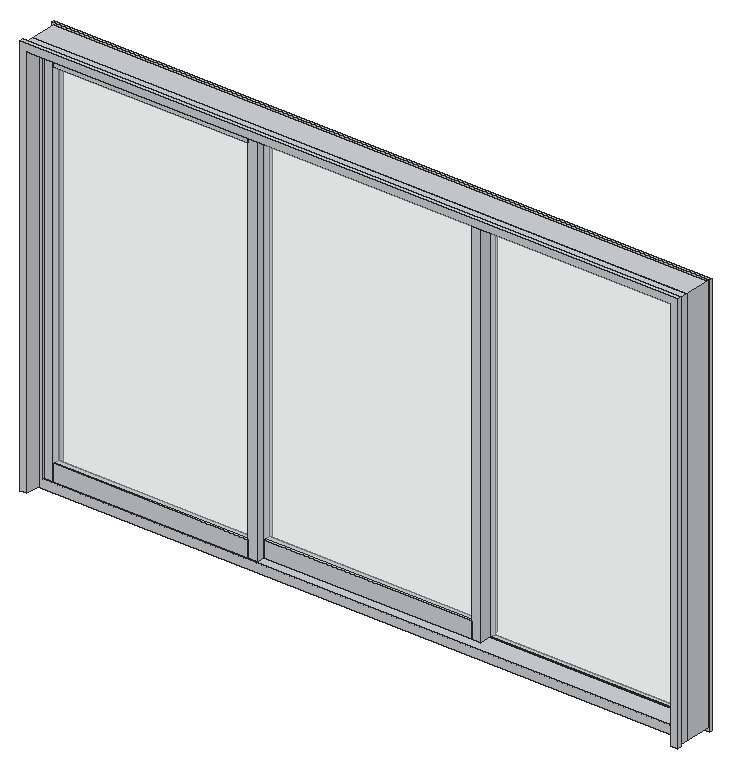
Revit family "APL Residential Thermal Heart Sliding Door SSF", category Doors, host Wall, Revit 2017 (continued)
Definition of nested family "APL Residential Thermal Heart Sliding Door SSF Vertical Section"
  Definition of nested family "Three Panel Head"
    Definition of nested family "65460_Door Top And Window Rail"
      Lines and regions (mm)
        detail lines, in view "Ref. Level"
          curve 238: arc (1.8, 56.053, 0) -> (1.86, 56.193, 0) -> (2, 56.25, 0) r 0.2
          curve 239: arc (3, 56.25, 0) -> (3.141, 56.309, 0) -> (3.2, 56.45, 0) r 0.2
          curve 240: arc (3.2, 57.55, 0) -> (3.141, 57.692, 0) -> (3, 57.75, 0) r 0.2
          curve 241: arc (2, 57.75, 0) -> (1.86, 57.808, 0) -> (1.8, 57.947, 0) r 0.2
          curve 242: arc (1.8, 71.8, 0) -> (1.741, 71.942, 0) -> (1.6, 72, 0) r 0.2
          curve 243: arc (0.5, 72, 0) -> (0.146, 71.854, 0) -> (0, 71.5, 0) r 0.5
          curve 244: arc (0, 0.2, 0) -> (0.059, 0.058, 0) -> (0.2, 0, 0) r 0.2
          curve 245: arc (3.002, 0, 0) -> (3.143, 0.058, 0) -> (3.202, 0.2, 0) r 0.2
          curve 246: arc (3.202, 1.63, 0) -> (3.143, 1.771, 0) -> (3.002, 1.83, 0) r 0.2
          curve 247: arc (2.402, 1.83, 0) -> (2.261, 1.771, 0) -> (2.202, 1.63, 0) r 0.2
          curve 248: arc (2.202, 1.28, 0) -> (2.143, 1.138, 0) -> (2.002, 1.08, 0) r 0.2
          curve 249: arc (1.402, 1.08, 0) -> (1.261, 1.138, 0) -> (1.202, 1.28, 0) r 0.2
          curve 250: arc (1.202, 4.38, 0) -> (1.261, 4.521, 0) -> (1.402, 4.58, 0) r 0.2
          curve 251: arc (2.002, 4.58, 0) -> (2.143, 4.521, 0) -> (2.202, 4.38, 0) r 0.2
          curve 252: arc (2.202, 4.03, 0) -> (2.261, 3.888, 0) -> (2.402, 3.83, 0) r 0.2
          curve 253: arc (3.002, 3.83, 0) -> (3.143, 3.888, 0) -> (3.202, 4.03, 0) r 0.2
          curve 254: line (3.002, 7.33, 0) -> (2.402, 7.33, 0)
          curve 255: line (2.202, 7.13, 0) -> (2.202, 6.53, 0)
          curve 256: line (2.002, 6.33, 0) -> (1.6, 6.33, 0)
          curve 257: line (1.4, 6.53, 0) -> (1.4, 14, 0)
          curve 258: line (1.4, 14, 0) -> (1.644, 18.06, 0)
          curve 259: line (2.642, 19, 0) -> (3.119, 19, 0)
          curve 260: line (3.889, 18.731, 0) -> (5.299, 18.218, 0)
          curve 261: line (5.701, 18.526, 0) -> (5.494, 20.891, 0)
          curve 262: line (5.407, 21.077, 0) -> (5.043, 21.441, 0)
          curve 263: line (4.709, 21.352, 0) -> (4.664, 21.184, 0)
          curve 264: line (4.523, 21.043, 0) -> (2.534, 20.51, 0)
          curve 265: line (2.202, 21.247, 0) -> (2.202, 24.474, 0)
          curve 266: line (2.196, 24.524, 0) -> (2.008, 25.25, 0)
          curve 267: line (2.202, 25.5, 0) -> (2.722, 25.5, 0)
          curve 268: line (2.879, 25.456, 0) -> (4.133, 24.691, 0)
          curve 269: line (4.702, 24.55, 0) -> (4.702, 26.696, 0)
          curve 270: line (4.606, 26.867, 0) -> (2.725, 28.015, 0)
          curve 271: line (2.725, 28.357, 0) -> (4.606, 29.505, 0)
          curve 272: line (4.702, 29.676, 0) -> (4.702, 31.7, 0)
          curve 273: line (4.133, 31.559, 0) -> (2.879, 30.794, 0)
          curve 274: line (2.723, 30.75, 0) -> (2.202, 30.75, 0)
          curve 275: line (2.008, 31, 0) -> (2.196, 31.726, 0)
          curve 276: line (2.202, 31.776, 0) -> (2.202, 35.003, 0)
          curve 277: line (2.534, 35.74, 0) -> (4.523, 35.207, 0)
          curve 278: line (4.664, 35.066, 0) -> (4.709, 34.898, 0)
          curve 279: line (5.043, 34.809, 0) -> (5.407, 35.173, 0)
          curve 280: line (5.494, 35.359, 0) -> (5.701, 37.724, 0)
          curve 281: line (5.299, 38.032, 0) -> (3.889, 37.519, 0)
          curve 282: line (3.119, 37.25, 0) -> (2.3, 37.25, 0)
          curve 283: line (1.8, 37.75, 0) -> (1.8, 41.053, 0)
          curve 284: line (2, 41.25, 0) -> (3, 41.25, 0)
          curve 285: line (3.2, 41.45, 0) -> (3.2, 42.55, 0)
          curve 286: line (3, 42.75, 0) -> (2, 42.75, 0)
          curve 287: line (1.8, 42.947, 0) -> (1.8, 56.053, 0)
          curve 288: line (2, 56.25, 0) -> (3, 56.25, 0)
          curve 289: line (3.2, 56.45, 0) -> (3.2, 57.55, 0)
          curve 290: line (3, 57.75, 0) -> (2, 57.75, 0)
          curve 291: line (1.8, 57.947, 0) -> (1.8, 71.8, 0)
          curve 292: line (1.6, 72, 0) -> (0.5, 72, 0)
          curve 293: line (0, 71.5, 0) -> (0, 0.2, 0)
          curve 294: line (0.2, 0, 0) -> (3.002, 0, 0)
          curve 295: line (3.202, 0.2, 0) -> (3.202, 1.63, 0)
          curve 296: line (3.002, 1.83, 0) -> (2.402, 1.83, 0)
          curve 297: line (2.202, 1.63, 0) -> (2.202, 1.28, 0)
          curve 298: line (2.002, 1.08, 0) -> (1.402, 1.08, 0)
          curve 299: line (1.202, 1.28, 0) -> (1.202, 4.38, 0)
          curve 300: line (1.402, 4.58, 0) -> (2.002, 4.58, 0)
          curve 301: line (2.202, 4.38, 0) -> (2.202, 4.03, 0)
          curve 302: line (2.402, 3.83, 0) -> (3.002, 3.83, 0)
          curve 303: line (3.202, 4.03, 0) -> (3.202, 7.13, 0)
          curve 304: arc (3.202, 7.13, 0) -> (3.143, 7.271, 0) -> (3.002, 7.33, 0) r 0.2
      Text (mm)
        text "65460" at (7.711, 85.3, 0), in view "Ref. Level"
    Definition of nested family "65410_Frame"
      Reference planes
        plane 1 "Center (Front/Back)": y = 0
        plane 2: z = 0
        plane 3 "Center (Left/Right)": x = 0
      Lines and regions (mm)
        model lines, in view "Ref. Level"
          curve 1: arc (10.8, -17.502, 0) -> (11.356, -16.157, 0) -> (12.7, -15.6, 0) r 1.9
          curve 2: arc (13.1, -15.6, 0) -> (13.241, -15.541, 0) -> (13.3, -15.4, 0) r 0.2
          curve 3: arc (13.3, -8.6, 0) -> (13.241, -8.459, 0) -> (13.1, -8.4, 0) r 0.2
          curve 4: arc (11, -8.4, 0) -> (10.859, -8.341, 0) -> (10.8, -8.2, 0) r 0.2
          curve 5: arc (10.8, -7.717, 0) -> (10.741, -7.575, 0) -> (10.6, -7.517, 0) r 0.2
          curve 6: arc (1.9, -7.517, 0) -> (1.546, -7.663, 0) -> (1.4, -8.017, 0) r 0.5
          curve 7: arc (1.4, -21.755, 0) -> (1.521, -22.369, 0) -> (1.869, -22.889, 0) r 1.6
          curve 8: arc (6.387, -27.407, 0) -> (6.711, -27.624, 0) -> (7.094, -27.7, 0) r 1
          curve 9: arc (9.8, -27.7, 0) -> (10.507, -27.407, 0) -> (10.8, -26.7, 0) r 1
          curve 10: arc (1.665, -0.379, 0) -> (1.729, -0.478, 0) -> (1.725, -0.597, 0) r 0.2
          curve 11: arc (1.725, -0.597, 0) -> (1.621, -0.766, 0) -> (1.453, -0.873, 0) r 0.45
          curve 12: arc (1.453, -0.873, 0) -> (1.357, -0.948, 0) -> (1.322, -1.064, 0) r 0.2
          curve 13: arc (1.379, -5.919, 0) -> (1.438, -6.059, 0) -> (1.579, -6.117, 0) r 0.2
          curve 14: arc (10.6, -6.117, 0) -> (10.741, -6.058, 0) -> (10.8, -5.917, 0) r 0.2
          curve 15: arc (10.8, -1.828, 0) -> (10.773, -1.728, 0) -> (10.7, -1.655, 0) r 0.2
          curve 16: arc (9.6, -1.02, 0) -> (9.38, -0.8, 0) -> (9.3, -0.5, 0) r 0.6
          curve 17: arc (9.3, -0.2, 0) -> (9.359, -0.059, 0) -> (9.5, 0, 0) r 0.2
          curve 18: arc (13.617, 0, 0) -> (13.922, -0.199, 0) -> (14.195, 0.043, 0) r 0.3
          curve 19: arc (14.195, 0.043, 0) -> (14.261, 0.181, 0) -> (14.387, 0.268, 0) r 0.3
          curve 20: arc (15.797, 0.782, 0) -> (16.083, 0.738, 0) -> (16.199, 0.474, 0) r 0.3
          curve 21: arc (15.992, -1.892, 0) -> (15.965, -1.992, 0) -> (15.905, -2.078, 0) r 0.3
          curve 22: arc (15.541, -2.441, 0) -> (15.348, -2.493, 0) -> (15.207, -2.352, 0) r 0.2
          curve 23: arc (15.162, -2.184, 0) -> (15.11, -2.095, 0) -> (15.021, -2.043, 0) r 0.2
          curve 24: arc (12.8, -1.5, 0) -> (12.52, -1.693, 0) -> (12.6, -2.024, 0) r 0.3
          curve 25: arc (12.6, -2.024, 0) -> (12.674, -2.125, 0) -> (12.7, -2.247, 0) r 0.3
          curve 26: arc (12.506, -6.25, 0) -> (12.542, -6.422, 0) -> (12.7, -6.5, 0) r 0.2
          curve 27: arc (13.221, -6.5, 0) -> (13.302, -6.489, 0) -> (13.377, -6.456, 0) r 0.3
          curve 28: arc (14.631, -5.691, 0) -> (14.628, -5.521, 0) -> (14.734, -5.389, 0) r 0.25
          curve 29: arc (14.82, -5.337, 0) -> (15.072, -5.332, 0) -> (15.2, -5.55, 0) r 0.25
          curve 30: arc (15.2, -15.401, 0) -> (15.259, -15.542, 0) -> (15.4, -15.6, 0) r 0.2
          curve 31: arc (16.479, -15.6, 0) -> (16.643, -15.685, 0) -> (16.667, -15.868, 0) r 0.2
          curve 32: arc (15.775, -18.318, 0) -> (15.702, -18.414, 0) -> (15.587, -18.45, 0) r 0.2
          curve 33: arc (15.353, -18.45, 0) -> (15.248, -18.48, 0) -> (15.174, -18.561, 0) r 0.2
          curve 34: arc (15.174, -18.561, 0) -> (15.019, -18.69, 0) -> (14.82, -18.663, 0) r 0.25
          curve 35: arc (14.734, -18.611, 0) -> (14.628, -18.479, 0) -> (14.631, -18.309, 0) r 0.25
          curve 36: arc (13.377, -17.544, 0) -> (13.302, -17.511, 0) -> (13.221, -17.5, 0) r 0.3
          curve 37: arc (12.7, -17.5, 0) -> (12.542, -17.578, 0) -> (12.506, -17.75, 0) r 0.2
          curve 38: arc (12.7, -21.753, 0) -> (12.674, -21.875, 0) -> (12.6, -21.976, 0) r 0.3
          curve 39: arc (12.6, -21.976, 0) -> (12.52, -22.307, 0) -> (12.8, -22.5, 0) r 0.3
          curve 40: arc (15.021, -21.957, 0) -> (15.11, -21.905, 0) -> (15.162, -21.816, 0) r 0.2
          curve 41: arc (15.207, -21.648, 0) -> (15.348, -21.507, 0) -> (15.541, -21.559, 0) r 0.2
          curve 42: arc (15.905, -21.922, 0) -> (15.965, -22.008, 0) -> (15.992, -22.108, 0) r 0.3
          curve 43: arc (16.199, -24.474, 0) -> (16.083, -24.738, 0) -> (15.797, -24.782, 0) r 0.3
          curve 44: arc (14.387, -24.268, 0) -> (14.261, -24.181, 0) -> (14.195, -24.043, 0) r 0.3
          curve 45: arc (14.195, -24.043, 0) -> (13.922, -23.801, 0) -> (13.617, -24, 0) r 0.3
          curve 46: arc (12.6, -24, 0) -> (12.459, -24.059, 0) -> (12.4, -24.2, 0) r 0.2
          curve 47: arc (12.4, -26.696, 0) -> (11.64, -28.537, 0) -> (9.8, -29.3, 0) r 2.6
          curve 48: arc (7.9, -29.3, 0) -> (7.547, -29.446, 0) -> (7.4, -29.8, 0) r 0.5
          curve 49: arc (7.4, -37.402, 0) -> (7.508, -37.581, 0) -> (7.716, -37.566, 0) r 0.2
          curve 50: arc (7.716, -37.566, 0) -> (8.721, -37.692, 0) -> (8.684, -38.705, 0) r 0.75
          curve 51: arc (8.684, -38.705, 0) -> (8.15, -40.005, 0) -> (8.684, -41.305, 0) r 1.85
          curve 52: arc (8.684, -41.305, 0) -> (8.794, -41.447, 0) -> (8.867, -41.612, 0) r 0.75
          curve 53: arc (8.867, -41.612, 0) -> (8.97, -41.796, 0) -> (9.14, -41.921, 0) r 0.5
          curve 54: arc (9.14, -41.921, 0) -> (10, -42.105, 0) -> (10.86, -41.921, 0) r 2.1
          curve 55: arc (10.86, -41.921, 0) -> (11.03, -41.796, 0) -> (11.133, -41.612, 0) r 0.5
          curve 56: arc (11.133, -41.612, 0) -> (11.206, -41.447, 0) -> (11.316, -41.305, 0) r 0.75
          curve 57: arc (11.316, -41.305, 0) -> (11.85, -40.005, 0) -> (11.316, -38.705, 0) r 1.85
          curve 58: arc (11.316, -38.705, 0) -> (11.323, -37.644, 0) -> (12.384, -37.651, 0) r 0.75
          curve 59: arc (12.384, -37.651, 0) -> (13.348, -39.881, 0) -> (12.551, -42.176, 0) r 3.35
          curve 60: arc (12.551, -42.176, 0) -> (12.478, -42.71, 0) -> (12.932, -43, 0) r 0.5
          curve 61: arc (13.15, -43, 0) -> (13.291, -43.059, 0) -> (13.35, -43.2, 0) r 0.2
          curve 62: arc (13.35, -43.5, 0) -> (13.204, -43.854, 0) -> (12.85, -44, 0) r 0.5
          curve 63: arc (7, -44, 0) -> (6.293, -43.707, 0) -> (6, -43, 0) r 1
          curve 64: arc (6, -30.243, 0) -> (5.772, -29.095, 0) -> (5.121, -28.121, 0) r 3
          curve 65: arc (0.879, -23.879, 0) -> (0.228, -22.905, 0) -> (0, -21.757, 0) r 3
          curve 66: arc (0, -0.2, 0) -> (0.059, -0.059, 0) -> (0.2, 0, 0) r 0.2
          curve 67: line (10.8, -26.7, 0) -> (10.8, -17.502, 0)
          curve 68: line (12.7, -15.6, 0) -> (13.1, -15.6, 0)
          curve 69: line (13.3, -15.4, 0) -> (13.3, -8.6, 0)
          curve 70: line (13.1, -8.4, 0) -> (11, -8.4, 0)
          curve 71: line (10.8, -8.2, 0) -> (10.8, -7.717, 0)
          curve 72: line (10.6, -7.517, 0) -> (1.9, -7.517, 0)
          curve 73: line (1.4, -8.017, 0) -> (1.4, -21.755, 0)
          curve 74: line (1.869, -22.889, 0) -> (6.387, -27.407, 0)
          curve 75: line (7.094, -27.7, 0) -> (9.8, -27.7, 0)
          curve 76: line (1.322, -1.064, 0) -> (1.379, -5.919, 0)
          curve 77: line (1.579, -6.117, 0) -> (10.6, -6.117, 0)
          curve 78: line (10.8, -5.917, 0) -> (10.8, -1.828, 0)
          curve 79: line (10.7, -1.655, 0) -> (9.6, -1.02, 0)
          curve 80: line (9.3, -0.5, 0) -> (9.3, -0.2, 0)
          curve 81: line (9.5, 0, 0) -> (13.617, 0, 0)
          curve 82: line (14.387, 0.268, 0) -> (15.797, 0.782, 0)
          curve 83: line (16.199, 0.474, 0) -> (15.992, -1.892, 0)
          curve 84: line (15.905, -2.078, 0) -> (15.541, -2.441, 0)
          curve 85: line (15.207, -2.352, 0) -> (15.162, -2.184, 0)
          curve 86: line (15.162, -2.184, 0) -> (13.032, -1.51, 0)
          curve 87: line (13.032, -1.51, 0) -> (12.8, -1.5, 0)
          curve 88: line (12.7, -2.247, 0) -> (12.7, -5.475, 0)
          curve 89: line (12.7, -5.475, 0) -> (12.506, -6.25, 0)
          curve 90: line (12.7, -6.5, 0) -> (13.221, -6.5, 0)
          curve 91: line (13.221, -6.5, 0) -> (14.631, -5.691, 0)
          curve 92: line (15.2, -5.55, 0) -> (15.2, -7.126, 0)
          curve 93: line (15.2, -7.126, 0) -> (15.2, -15.401, 0)
          curve 94: line (15.4, -15.6, 0) -> (16.479, -15.6, 0)
          curve 95: line (16.667, -15.868, 0) -> (15.775, -18.318, 0)
          curve 96: line (15.587, -18.45, 0) -> (15.353, -18.45, 0)
          curve 97: line (14.631, -18.309, 0) -> (13.377, -17.544, 0)
          curve 98: line (13.377, -17.544, 0) -> (12.7, -17.5, 0)
          curve 99: line (12.506, -17.75, 0) -> (12.694, -18.475, 0)
          curve 100: line (12.694, -18.475, 0) -> (12.7, -21.753, 0)
          curve 101: line (12.954, -22.5, 0) -> (15.021, -21.957, 0)
          curve 102: line (15.021, -21.957, 0) -> (15.207, -21.648, 0)
          curve 103: line (15.541, -21.559, 0) -> (15.905, -21.922, 0)
          curve 104: line (15.992, -22.108, 0) -> (16.199, -24.474, 0)
          curve 105: line (15.797, -24.782, 0) -> (14.387, -24.268, 0)
          curve 106: line (13.617, -24, 0) -> (12.6, -24, 0)
          curve 107: line (12.4, -24.2, 0) -> (12.4, -26.696, 0)
          curve 108: line (9.8, -29.3, 0) -> (7.9, -29.3, 0)
          curve 109: line (7.4, -29.8, 0) -> (7.4, -37.402, 0)
          curve 110: line (12.932, -43, 0) -> (13.15, -43, 0)
          curve 111: line (13.35, -43.2, 0) -> (13.35, -43.5, 0)
          curve 112: line (12.85, -44, 0) -> (7, -44, 0)
          curve 113: line (6, -43, 0) -> (6, -30.243, 0)
          curve 114: line (5.121, -28.121, 0) -> (0.879, -23.879, 0)
          curve 115: line (0, -21.757, 0) -> (0, -0.2, 0)
          curve 116: line (0.2, 0, 0) -> (1.141, 0, 0)
          curve 117: line (1.141, 0, 0) -> (1.665, -0.379, 0)
          curve 118: arc (46.1, 0.2, 0) -> (45.602, -1.002, 0) -> (44.4, -1.5, 0) r 1.7
          curve 119: arc (29.9, -1.5, 0) -> (29.546, -1.646, 0) -> (29.4, -2, 0) r 0.5
          curve 120: arc (29.4, -15.099, 0) -> (29.546, -15.453, 0) -> (29.9, -15.6, 0) r 0.5
          curve 121: arc (36.605, -15.6, 0) -> (37.013, -15.521, 0) -> (37.363, -15.296, 0) r 1.1
          curve 122: arc (37.363, -15.296, 0) -> (38.199, -14.684, 0) -> (39.189, -14.379, 0) r 3.126
          curve 123: arc (62.286, -13.2, 0) -> (62.738, -12.881, 0) -> (63.285, -12.958, 0) r 0.75
          curve 124: arc (63.285, -12.958, 0) -> (64.2, -13.2, 0) -> (65.115, -12.958, 0) r 1.85
          curve 125: arc (65.115, -12.958, 0) -> (65.281, -12.888, 0) -> (65.459, -12.86, 0) r 0.75
          curve 126: arc (65.459, -12.86, 0) -> (65.663, -12.808, 0) -> (65.828, -12.676, 0) r 0.5
          curve 127: arc (65.828, -12.676, 0) -> (66.3, -11.35, 0) -> (65.828, -10.024, 0) r 2.1
          curve 128: arc (65.828, -10.024, 0) -> (65.663, -9.892, 0) -> (65.459, -9.84, 0) r 0.5
          curve 129: arc (65.459, -9.84, 0) -> (65.281, -9.812, 0) -> (65.115, -9.742, 0) r 0.75
          curve 130: arc (65.115, -9.742, 0) -> (63.721, -9.563, 0) -> (62.604, -10.415, 0) r 1.85
          curve 131: arc (62.604, -10.415, 0) -> (61.577, -10.683, 0) -> (61.309, -9.657, 0) r 0.75
          curve 132: arc (61.309, -9.657, 0) -> (62.349, -8.558, 0) -> (63.765, -8.028, 0) r 3.35
          curve 133: arc (63.765, -8.028, 0) -> (64.076, -7.862, 0) -> (64.2, -7.533, 0) r 0.5
          curve 134: arc (64.2, 1.517, 0) -> (64.489, 3.435, 0) -> (65.33, 5.182, 0) r 6.5
          curve 135: arc (65.33, 5.182, 0) -> (65.978, 6.526, 0) -> (66.2, 8, 0) r 5
          curve 136: arc (66.2, 17.1, 0) -> (66.054, 17.454, 0) -> (65.7, 17.6, 0) r 0.5
          curve 137: arc (47, 17.6, 0) -> (46.646, 17.454, 0) -> (46.5, 17.1, 0) r 0.5
          curve 138: arc (46.5, 12.5, 0) -> (46.409, 11.986, 0) -> (46.147, 11.533, 0) r 1.5
          curve 139: arc (24.183, -15.774, 0) -> (24.053, -15.838, 0) -> (24, -15.973, 0) r 0.2
          curve 140: arc (24.399, -18.321, 0) -> (24.668, -18.608, 0) -> (25.06, -18.613, 0) r 0.5
          curve 141: arc (25.06, -18.613, 0) -> (25.211, -18.697, 0) -> (25.38, -18.663, 0) r 0.25
          curve 142: arc (25.466, -18.611, 0) -> (25.572, -18.479, 0) -> (25.569, -18.309, 0) r 0.25
          curve 143: arc (26.823, -17.544, 0) -> (26.898, -17.511, 0) -> (26.979, -17.5, 0) r 0.3
          curve 144: arc (27.5, -17.5, 0) -> (27.658, -17.578, 0) -> (27.694, -17.75, 0) r 0.2
          curve 145: arc (27.5, -21.753, 0) -> (27.526, -21.875, 0) -> (27.6, -21.976, 0) r 0.3
          curve 146: arc (27.6, -21.976, 0) -> (27.68, -22.307, 0) -> (27.4, -22.5, 0) r 0.3
          curve 147: arc (25.179, -21.957, 0) -> (25.09, -21.905, 0) -> (25.038, -21.816, 0) r 0.2
          curve 148: arc (24.993, -21.648, 0) -> (24.852, -21.507, 0) -> (24.659, -21.559, 0) r 0.2
          curve 149: arc (24.295, -21.922, 0) -> (24.235, -22.008, 0) -> (24.208, -22.108, 0) r 0.3
          curve 150: arc (24.001, -24.474, 0) -> (24.117, -24.738, 0) -> (24.403, -24.782, 0) r 0.3
          curve 151: arc (25.813, -24.268, 0) -> (25.939, -24.181, 0) -> (26.005, -24.043, 0) r 0.3
          curve 152: arc (26.005, -24.043, 0) -> (26.278, -23.801, 0) -> (26.583, -24, 0) r 0.3
          curve 153: arc (28.9, -24, 0) -> (29.254, -23.854, 0) -> (29.4, -23.5, 0) r 0.5
          curve 154: arc (29.4, -17.9, 0) -> (29.546, -17.546, 0) -> (29.9, -17.4, 0) r 0.499
          curve 155: arc (37.767, -17.4, 0) -> (38.931, -17.165, 0) -> (39.913, -16.497, 0) r 2.996
          curve 156: arc (39.913, -16.497, 0) -> (40.232, -16.27, 0) -> (40.611, -16.169, 0) r 1.1
          curve 157: arc (68.1, -15.1, 0) -> (68.241, -15.159, 0) -> (68.3, -15.3, 0) r 0.2
          curve 158: arc (68.3, -23.5, 0) -> (68.446, -23.854, 0) -> (68.8, -24, 0) r 0.5
          curve 159: arc (71.117, -24, 0) -> (71.422, -23.801, 0) -> (71.695, -24.043, 0) r 0.3
          curve 160: arc (71.695, -24.043, 0) -> (71.761, -24.181, 0) -> (71.887, -24.268, 0) r 0.3
          curve 161: arc (73.297, -24.782, 0) -> (73.583, -24.738, 0) -> (73.699, -24.474, 0) r 0.3
          curve 162: arc (73.492, -22.108, 0) -> (73.465, -22.008, 0) -> (73.405, -21.922, 0) r 0.3
          curve 163: arc (73.041, -21.559, 0) -> (72.848, -21.507, 0) -> (72.707, -21.648, 0) r 0.2
          curve 164: arc (72.662, -21.816, 0) -> (72.61, -21.905, 0) -> (72.521, -21.957, 0) r 0.2
          curve 165: arc (70.3, -22.5, 0) -> (70.02, -22.307, 0) -> (70.1, -21.976, 0) r 0.3
          curve 166: arc (70.1, -21.976, 0) -> (70.174, -21.875, 0) -> (70.2, -21.753, 0) r 0.3
          curve 167: arc (70.006, -17.75, 0) -> (70.042, -17.578, 0) -> (70.2, -17.5, 0) r 0.2
          curve 168: arc (70.721, -17.5, 0) -> (70.802, -17.511, 0) -> (70.877, -17.544, 0) r 0.3
          curve 169: arc (72.131, -18.309, 0) -> (72.128, -18.479, 0) -> (72.234, -18.611, 0) r 0.25
          curve 170: arc (72.32, -18.663, 0) -> (72.572, -18.668, 0) -> (72.7, -18.45, 0) r 0.25
          curve 171: arc (72.7, -16.876, 0) -> (72.618, -16.478, 0) -> (72.385, -16.146, 0) r 1
          curve 172: arc (72.385, -16.146, 0) -> (72.322, -16, 0) -> (72.385, -15.854, 0) r 0.2
          curve 173: arc (72.385, -15.854, 0) -> (72.618, -15.523, 0) -> (72.7, -15.126, 0) r 1
          curve 174: arc (72.7, -13.551, 0) -> (72.573, -13.332, 0) -> (72.32, -13.337, 0) r 0.25
          curve 175: arc (72.234, -13.389, 0) -> (72.128, -13.521, 0) -> (72.131, -13.691, 0) r 0.25
          curve 176: arc (70.877, -14.456, 0) -> (70.802, -14.489, 0) -> (70.721, -14.5, 0) r 0.3
          curve 177: arc (70.2, -14.5, 0) -> (70.042, -14.422, 0) -> (70.006, -14.25, 0) r 0.2
          curve 178: arc (70.2, -10.247, 0) -> (70.174, -10.124, 0) -> (70.1, -10.024, 0) r 0.3
          curve 179: arc (70.1, -10.024, 0) -> (70.02, -9.693, 0) -> (70.3, -9.5, 0) r 0.3
          curve 180: arc (72.521, -10.043, 0) -> (72.61, -10.095, 0) -> (72.662, -10.184, 0) r 0.2
          curve 181: arc (72.707, -10.352, 0) -> (72.848, -10.493, 0) -> (73.041, -10.441, 0) r 0.2
          curve 182: arc (73.405, -10.078, 0) -> (73.465, -9.992, 0) -> (73.492, -9.892, 0) r 0.3
          curve 183: arc (73.699, -7.526, 0) -> (73.583, -7.262, 0) -> (73.297, -7.218, 0) r 0.3
          curve 184: arc (71.887, -7.732, 0) -> (71.761, -7.819, 0) -> (71.695, -7.957, 0) r 0.3
          curve 185: arc (71.695, -7.957, 0) -> (71.422, -8.199, 0) -> (71.117, -8, 0) r 0.3
          curve 186: arc (66.201, -8, 0) -> (65.847, -7.854, 0) -> (65.7, -7.5, 0) r 0.5
          curve 187: arc (65.7, 1.519, 0) -> (65.922, 2.994, 0) -> (66.57, 4.337, 0) r 5
          curve 188: arc (66.57, 4.337, 0) -> (67.411, 6.083, 0) -> (67.7, 8, 0) r 6.5
          curve 189: arc (67.7, 9.1, 0) -> (67.759, 9.241, 0) -> (67.9, 9.3, 0) r 0.2
          curve 190: arc (69.3, 9.3, 0) -> (69.441, 9.241, 0) -> (69.5, 9.1, 0) r 0.2
          curve 191: arc (69.5, 8.8, 0) -> (70, 8.299, 0) -> (70.5, 8.8, 0) r 0.5
          curve 192: arc (70.5, 11.351, 0) -> (69.999, 11.85, 0) -> (69.5, 11.35, 0) r 0.5
          curve 193: arc (69.5, 10.5, 0) -> (69.441, 10.359, 0) -> (69.3, 10.3, 0) r 0.2
          curve 194: arc (67.9, 10.3, 0) -> (67.759, 10.359, 0) -> (67.7, 10.5, 0) r 0.2
          curve 195: arc (67.7, 17.8, 0) -> (67.759, 17.941, 0) -> (67.9, 18, 0) r 0.2
          curve 196: arc (69.3, 18, 0) -> (69.441, 17.941, 0) -> (69.5, 17.8, 0) r 0.2
          curve 197: arc (69.5, 16.95, 0) -> (70, 16.449, 0) -> (70.5, 16.95, 0) r 0.5
          curve 198: arc (70.5, 18.499, 0) -> (70.354, 18.853, 0) -> (70, 19, 0) r 0.5
          curve 199: arc (42.7, 19, 0) -> (42.559, 18.941, 0) -> (42.5, 18.8, 0) r 0.2
          curve 200: arc (42.5, 17.25, 0) -> (43, 16.749, 0) -> (43.5, 17.25, 0) r 0.5
          curve 201: arc (43.5, 17.8, 0) -> (43.559, 17.941, 0) -> (43.7, 18, 0) r 0.2
          curve 202: arc (44.8, 18, 0) -> (44.941, 17.941, 0) -> (45, 17.8, 0) r 0.2
          curve 203: arc (45, 12.7, 0) -> (44.941, 12.559, 0) -> (44.8, 12.5, 0) r 0.2
          curve 204: arc (43.7, 12.5, 0) -> (43.559, 12.559, 0) -> (43.5, 12.7, 0) r 0.2
          curve 205: arc (43.5, 13.25, 0) -> (43, 13.749, 0) -> (42.5, 13.25, 0) r 0.5
          curve 206: arc (42.5, 12.5, 0) -> (42.793, 11.793, 0) -> (43.5, 11.5, 0) r 1
          curve 207: arc (44.395, 11.5, 0) -> (44.539, 11.443, 0) -> (44.6, 11.3, 0) r 0.202
          curve 208: arc (44.6, 0.2, 0) -> (44.538, 0.058, 0) -> (44.395, 0, 0) r 0.205
          curve 209: arc (26.583, 0, 0) -> (26.278, -0.199, 0) -> (26.005, 0.043, 0) r 0.3
          curve 210: arc (26.005, 0.043, 0) -> (25.939, 0.181, 0) -> (25.813, 0.268, 0) r 0.3
          curve 211: arc (24.403, 0.782, 0) -> (24.117, 0.738, 0) -> (24.001, 0.474, 0) r 0.3
          curve 212: arc (24.208, -1.892, 0) -> (24.235, -1.992, 0) -> (24.295, -2.078, 0) r 0.3
          curve 213: arc (24.659, -2.441, 0) -> (24.852, -2.493, 0) -> (24.993, -2.352, 0) r 0.2
          curve 214: arc (25.038, -2.184, 0) -> (25.09, -2.095, 0) -> (25.179, -2.043, 0) r 0.2
          curve 215: arc (27.4, -1.5, 0) -> (27.68, -1.693, 0) -> (27.6, -2.024, 0) r 0.3
          curve 216: arc (27.6, -2.024, 0) -> (27.526, -2.125, 0) -> (27.5, -2.247, 0) r 0.3
          curve 217: arc (27.694, -6.25, 0) -> (27.658, -6.422, 0) -> (27.5, -6.5, 0) r 0.2
          curve 218: arc (26.979, -6.5, 0) -> (26.898, -6.489, 0) -> (26.823, -6.456, 0) r 0.3
          curve 219: arc (25.569, -5.691, 0) -> (25.572, -5.521, 0) -> (25.466, -5.389, 0) r 0.25
          curve 220: arc (25.38, -5.337, 0) -> (25.128, -5.332, 0) -> (25, -5.55, 0) r 0.25
          curve 221: arc (25, -7.126, 0) -> (25.128, -7.615, 0) -> (25.479, -7.979, 0) r 1
          curve 222: line (46.1, 11.405, 0) -> (46.1, 0.2, 0)
          curve 223: line (44.4, -1.5, 0) -> (29.9, -1.5, 0)
          curve 224: line (29.4, -2, 0) -> (29.4, -15.099, 0)
          curve 225: line (29.9, -15.6, 0) -> (36.605, -15.6, 0)
          curve 226: line (39.189, -14.379, 0) -> (53.629, -13.2, 0)
          curve 227: line (53.629, -13.2, 0) -> (62.286, -13.2, 0)
          curve 228: line (64.2, -7.533, 0) -> (64.2, 1.517, 0)
          curve 229: line (66.2, 8, 0) -> (66.2, 17.1, 0)
          curve 230: line (65.7, 17.6, 0) -> (47, 17.6, 0)
          curve 231: line (46.5, 17.1, 0) -> (46.5, 12.5, 0)
          curve 232: line (27.317, -15.499, 0) -> (24.183, -15.774, 0)
          curve 233: line (24, -15.973, 0) -> (24, -17.189, 0)
          curve 234: line (24, -17.189, 0) -> (24.399, -18.321, 0)
          curve 235: line (25.569, -18.309, 0) -> (26.823, -17.544, 0)
          curve 236: line (26.823, -17.544, 0) -> (27.5, -17.5, 0)
          curve 237: line (27.694, -17.75, 0) -> (27.5, -18.5, 0)
          curve 238: line (27.506, -18.475, 0) -> (27.5, -21.753, 0)
          curve 239: line (27.246, -22.5, 0) -> (25.179, -21.957, 0)
          curve 240: line (25.179, -21.957, 0) -> (24.993, -21.648, 0)
          curve 241: line (24.659, -21.559, 0) -> (24.295, -21.922, 0)
          curve 242: line (24.208, -22.108, 0) -> (24.001, -24.474, 0)
          curve 243: line (24.403, -24.782, 0) -> (25.813, -24.268, 0)
          curve 244: line (26.583, -24, 0) -> (28.9, -24, 0)
          curve 245: line (29.4, -23.5, 0) -> (29.4, -17.9, 0)
          curve 246: line (29.9, -17.4, 0) -> (33.5, -17.4, 0)
          curve 247: line (33.5, -17.4, 0) -> (33.9, -17, 0)
          curve 248: line (33.9, -17, 0) -> (34.3, -17.4, 0)
          curve 249: line (34.3, -17.4, 0) -> (37.767, -17.4, 0)
          curve 250: line (40.611, -16.169, 0) -> (53.707, -15.1, 0)
          curve 251: line (53.707, -15.1, 0) -> (58.307, -15.1, 0)
          curve 252: line (58.307, -15.1, 0) -> (58.707, -14.7, 0)
          curve 253: line (58.707, -14.7, 0) -> (59.107, -15.1, 0)
          curve 254: line (59.107, -15.1, 0) -> (68.1, -15.1, 0)
          curve 255: line (68.3, -15.3, 0) -> (68.3, -23.5, 0)
          curve 256: line (68.8, -24, 0) -> (71.117, -24, 0)
          curve 257: line (71.887, -24.268, 0) -> (73.297, -24.782, 0)
          curve 258: line (73.699, -24.474, 0) -> (73.492, -22.108, 0)
          curve 259: line (73.405, -21.922, 0) -> (73.041, -21.559, 0)
          curve 260: line (72.707, -21.648, 0) -> (72.662, -21.816, 0)
          curve 261: line (72.662, -21.816, 0) -> (70.532, -22.49, 0)
          curve 262: line (70.532, -22.49, 0) -> (70.3, -22.5, 0)
          curve 263: line (70.2, -21.753, 0) -> (70.2, -18.525, 0)
          curve 264: line (70.2, -18.525, 0) -> (70.006, -17.75, 0)
          curve 265: line (70.2, -17.5, 0) -> (70.721, -17.5, 0)
          curve 266: line (70.721, -17.5, 0) -> (72.131, -18.309, 0)
          curve 267: line (72.7, -18.45, 0) -> (72.7, -16.876, 0)
          curve 268: line (72.7, -15.126, 0) -> (72.7, -13.551, 0)
          curve 269: line (72.131, -13.691, 0) -> (70.877, -14.456, 0)
          curve 270: line (70.877, -14.456, 0) -> (70.2, -14.5, 0)
          curve 271: line (70.006, -14.25, 0) -> (70.2, -13.5, 0)
          curve 272: line (70.194, -13.525, 0) -> (70.2, -10.248, 0)
          curve 273: line (70.454, -9.5, 0) -> (72.521, -10.043, 0)
          curve 274: line (72.521, -10.043, 0) -> (72.707, -10.352, 0)
          curve 275: line (73.041, -10.441, 0) -> (73.405, -10.078, 0)
          curve 276: line (73.492, -9.892, 0) -> (73.699, -7.526, 0)
          curve 277: line (73.297, -7.218, 0) -> (71.887, -7.732, 0)
          curve 278: line (71.117, -8, 0) -> (66.201, -8, 0)
          curve 279: line (65.7, -7.5, 0) -> (65.7, 1.519, 0)
          curve 280: line (67.7, 8, 0) -> (67.7, 9.1, 0)
          curve 281: line (67.9, 9.3, 0) -> (69.3, 9.3, 0)
          curve 282: line (69.5, 9.1, 0) -> (69.5, 8.8, 0)
          curve 283: line (70.5, 8.8, 0) -> (70.5, 11.351, 0)
          curve 284: line (69.5, 11.35, 0) -> (69.5, 10.5, 0)
          curve 285: line (69.3, 10.3, 0) -> (67.9, 10.3, 0)
          curve 286: line (67.7, 10.5, 0) -> (67.7, 17.8, 0)
          curve 287: line (67.9, 18, 0) -> (69.3, 18, 0)
          curve 288: line (69.5, 17.8, 0) -> (69.5, 16.95, 0)
          curve 289: line (70.5, 16.95, 0) -> (70.5, 18.499, 0)
          curve 290: line (70, 19, 0) -> (42.7, 19, 0)
          curve 291: line (42.5, 18.8, 0) -> (42.5, 17.25, 0)
          curve 292: line (43.5, 17.25, 0) -> (43.5, 17.8, 0)
          curve 293: line (43.7, 18, 0) -> (44.8, 18, 0)
          curve 294: line (45, 17.8, 0) -> (45, 12.7, 0)
          curve 295: line (44.8, 12.5, 0) -> (43.7, 12.5, 0)
          curve 296: line (43.5, 12.7, 0) -> (43.5, 13.25, 0)
          curve 297: line (42.5, 13.25, 0) -> (42.5, 12.5, 0)
          curve 298: line (43.5, 11.5, 0) -> (44.395, 11.5, 0)
          curve 299: line (44.6, 11.3, 0) -> (44.6, 0.2, 0)
          curve 300: line (44.395, 0, 0) -> (34.3, 0, 0)
          curve 301: line (34.3, 0, 0) -> (33.9, -0.4, 0)
          curve 302: line (33.9, -0.4, 0) -> (33.5, 0, 0)
          curve 303: line (33.5, 0, 0) -> (26.583, 0, 0)
          curve 304: line (25.813, 0.268, 0) -> (24.403, 0.782, 0)
          curve 305: line (24.001, 0.474, 0) -> (24.208, -1.892, 0)
          curve 306: line (24.295, -2.078, 0) -> (24.659, -2.441, 0)
          curve 307: line (24.993, -2.352, 0) -> (25.038, -2.184, 0)
          curve 308: line (25.038, -2.184, 0) -> (27.168, -1.51, 0)
          curve 309: line (27.168, -1.51, 0) -> (27.4, -1.5, 0)
          curve 310: line (27.5, -2.247, 0) -> (27.5, -5.475, 0)
          curve 311: line (27.5, -5.475, 0) -> (27.694, -6.25, 0)
          curve 312: line (27.5, -6.5, 0) -> (26.979, -6.5, 0)
          curve 313: line (26.979, -6.5, 0) -> (25.569, -5.691, 0)
          curve 314: line (25, -5.55, 0) -> (25, -7.126, 0)
          curve 315: line (25.479, -7.979, 0) -> (26.284, -8.471, 0)
          curve 316: line (26.284, -8.471, 0) -> (27.5, -8.5, 0)
          curve 317: line (27.5, -8.5, 0) -> (27.5, -15.3, 0)
          curve 318: arc (27.5, -15.3, 0) -> (27.447, -15.435, 0) -> (27.317, -15.499, 0) r 0.2
          curve 319: arc (12.7, -21.8, 0) -> (12.817, -22.083, 0) -> (13.1, -22.2, 0) r 0.4
          curve 320: arc (13.393, -22.2, 0) -> (13.496, -22.186, 0) -> (13.593, -22.146, 0) r 0.4
          curve 321: arc (15.121, -21.262, 0) -> (15.411, -21.141, 0) -> (15.722, -21.1, 0) r 1.2
          curve 322: arc (16.645, -21.1, 0) -> (17.218, -20.919, 0) -> (17.584, -20.442, 0) r 1
          curve 323: arc (18.377, -18.263, 0) -> (18.524, -18.072, 0) -> (18.753, -18, 0) r 0.4
          curve 324: arc (21.447, -18, 0) -> (21.676, -18.072, 0) -> (21.823, -18.263, 0) r 0.4
          curve 325: arc (22.616, -20.442, 0) -> (22.982, -20.919, 0) -> (23.555, -21.1, 0) r 1
          curve 326: arc (24.478, -21.1, 0) -> (24.789, -21.141, 0) -> (25.079, -21.262, 0) r 1.2
          curve 327: arc (26.607, -22.146, 0) -> (26.704, -22.186, 0) -> (26.807, -22.2, 0) r 0.4
          curve 328: arc (27.1, -22.2, 0) -> (27.383, -22.083, 0) -> (27.5, -21.8, 0) r 0.4
          curve 329: arc (27.5, -18.4, 0) -> (27.383, -18.117, 0) -> (27.1, -18, 0) r 0.4
          curve 330: arc (26.807, -18, 0) -> (26.704, -18.014, 0) -> (26.607, -18.054, 0) r 0.4
          curve 331: arc (25.079, -18.939, 0) -> (24.785, -19.06, 0) -> (24.47, -19.1, 0) r 1.2
          curve 332: arc (24.47, -19.1, 0) -> (24.295, -19.047, 0) -> (24.184, -18.903, 0) r 0.3
          curve 333: arc (23.296, -16.463, 0) -> (23.149, -16.272, 0) -> (22.92, -16.2, 0) r 0.4
          curve 334: arc (17.28, -16.2, 0) -> (17.051, -16.272, 0) -> (16.904, -16.463, 0) r 0.4
          curve 335: arc (16.016, -18.903, 0) -> (15.905, -19.047, 0) -> (15.73, -19.1, 0) r 0.3
          curve 336: arc (15.73, -19.1, 0) -> (15.415, -19.06, 0) -> (15.121, -18.939, 0) r 1.2
          curve 337: arc (13.593, -18.054, 0) -> (13.496, -18.014, 0) -> (13.393, -18, 0) r 0.4
          curve 338: arc (13.1, -18, 0) -> (12.817, -18.117, 0) -> (12.7, -18.4, 0) r 0.4
          curve 339: line (13.1, -22.2, 0) -> (13.393, -22.2, 0)
          curve 340: line (13.593, -22.146, 0) -> (15.121, -21.262, 0)
          curve 341: line (15.722, -21.1, 0) -> (16.645, -21.1, 0)
          curve 342: line (17.584, -20.442, 0) -> (18.377, -18.263, 0)
          curve 343: line (18.753, -18, 0) -> (21.447, -18, 0)
          curve 344: line (21.823, -18.263, 0) -> (22.616, -20.442, 0)
          curve 345: line (23.555, -21.1, 0) -> (24.478, -21.1, 0)
          curve 346: line (25.079, -21.262, 0) -> (26.607, -22.146, 0)
          curve 347: line (26.807, -22.2, 0) -> (27.1, -22.2, 0)
          curve 348: line (27.5, -21.8, 0) -> (27.5, -18.4, 0)
          curve 349: line (27.1, -18, 0) -> (26.807, -18, 0)
          curve 350: line (26.607, -18.054, 0) -> (25.079, -18.939, 0)
          curve 351: line (24.184, -18.903, 0) -> (23.296, -16.463, 0)
          curve 352: line (22.92, -16.2, 0) -> (17.28, -16.2, 0)
          curve 353: line (16.904, -16.463, 0) -> (16.016, -18.903, 0)
          curve 354: line (15.121, -18.939, 0) -> (13.593, -18.054, 0)
          curve 355: line (13.393, -18, 0) -> (13.1, -18, 0)
          curve 356: line (12.7, -18.4, 0) -> (12.7, -21.8, 0)
          curve 357: arc (12.7, -5.6, 0) -> (12.817, -5.883, 0) -> (13.1, -6, 0) r 0.4
          curve 358: arc (13.393, -6, 0) -> (13.496, -5.986, 0) -> (13.593, -5.946, 0) r 0.4
          curve 359: arc (15.121, -5.062, 0) -> (15.411, -4.941, 0) -> (15.722, -4.9, 0) r 1.2
          curve 360: arc (16.645, -4.9, 0) -> (17.218, -4.719, 0) -> (17.584, -4.242, 0) r 1
          curve 361: arc (18.377, -2.063, 0) -> (18.524, -1.872, 0) -> (18.753, -1.8, 0) r 0.4
          curve 362: arc (21.447, -1.8, 0) -> (21.676, -1.872, 0) -> (21.823, -2.063, 0) r 0.4
          curve 363: arc (22.616, -4.242, 0) -> (22.982, -4.719, 0) -> (23.555, -4.9, 0) r 1
          curve 364: arc (24.478, -4.9, 0) -> (24.789, -4.941, 0) -> (25.079, -5.062, 0) r 1.2
          curve 365: arc (26.607, -5.946, 0) -> (26.704, -5.986, 0) -> (26.807, -6, 0) r 0.4
          curve 366: arc (27.1, -6, 0) -> (27.383, -5.883, 0) -> (27.5, -5.6, 0) r 0.4
          curve 367: arc (27.5, -2.2, 0) -> (27.383, -1.917, 0) -> (27.1, -1.8, 0) r 0.4
          curve 368: arc (26.807, -1.8, 0) -> (26.704, -1.814, 0) -> (26.607, -1.854, 0) r 0.4
          curve 369: arc (25.079, -2.739, 0) -> (24.785, -2.86, 0) -> (24.47, -2.9, 0) r 1.2
          curve 370: arc (24.47, -2.9, 0) -> (24.295, -2.847, 0) -> (24.184, -2.703, 0) r 0.3
          curve 371: arc (23.296, -0.263, 0) -> (23.149, -0.072, 0) -> (22.92, 0, 0) r 0.4
          curve 372: arc (17.28, 0, 0) -> (17.051, -0.072, 0) -> (16.904, -0.263, 0) r 0.4
          curve 373: arc (16.016, -2.703, 0) -> (15.905, -2.847, 0) -> (15.73, -2.9, 0) r 0.3
          curve 374: arc (15.73, -2.9, 0) -> (15.415, -2.86, 0) -> (15.121, -2.739, 0) r 1.2
          curve 375: arc (13.593, -1.854, 0) -> (13.496, -1.814, 0) -> (13.393, -1.8, 0) r 0.4
          curve 376: arc (13.1, -1.8, 0) -> (12.817, -1.917, 0) -> (12.7, -2.2, 0) r 0.4
          curve 377: line (13.1, -6, 0) -> (13.393, -6, 0)
          curve 378: line (13.593, -5.946, 0) -> (15.121, -5.062, 0)
          curve 379: line (15.722, -4.9, 0) -> (16.645, -4.9, 0)
          curve 380: line (17.584, -4.242, 0) -> (18.377, -2.063, 0)
          curve 381: line (18.753, -1.8, 0) -> (21.447, -1.8, 0)
          curve 382: line (21.823, -2.063, 0) -> (22.616, -4.242, 0)
          curve 383: line (23.555, -4.9, 0) -> (24.478, -4.9, 0)
          curve 384: line (25.079, -5.062, 0) -> (26.607, -5.946, 0)
          curve 385: line (26.807, -6, 0) -> (27.1, -6, 0)
          curve 386: line (27.5, -5.6, 0) -> (27.5, -2.2, 0)
          curve 387: line (27.1, -1.8, 0) -> (26.807, -1.8, 0)
          curve 388: line (26.607, -1.854, 0) -> (25.079, -2.739, 0)
          curve 389: line (24.184, -2.703, 0) -> (23.296, -0.263, 0)
          curve 390: line (22.92, 0, 0) -> (17.28, 0, 0)
          curve 391: line (16.904, -0.263, 0) -> (16.016, -2.703, 0)
          curve 392: line (15.121, -2.739, 0) -> (13.593, -1.854, 0)
          curve 393: line (13.393, -1.8, 0) -> (13.1, -1.8, 0)
          curve 394: line (12.7, -2.2, 0) -> (12.7, -5.6, 0)
          curve 395: arc (70.2, -13.6, 0) -> (70.317, -13.883, 0) -> (70.6, -14, 0) r 0.4
          curve 396: arc (70.893, -14, 0) -> (70.996, -13.986, 0) -> (71.093, -13.946, 0) r 0.4
          curve 397: arc (72.621, -13.061, 0) -> (72.911, -12.941, 0) -> (73.222, -12.9, 0) r 1.2
          curve 398: arc (74.145, -12.9, 0) -> (74.718, -12.719, 0) -> (75.084, -12.242, 0) r 1
          curve 399: arc (75.877, -10.063, 0) -> (76.024, -9.872, 0) -> (76.253, -9.8, 0) r 0.4
          curve 400: arc (78.947, -9.8, 0) -> (79.176, -9.872, 0) -> (79.323, -10.063, 0) r 0.4
          curve 401: arc (80.116, -12.242, 0) -> (80.482, -12.719, 0) -> (81.055, -12.9, 0) r 1
          curve 402: arc (81.978, -12.9, 0) -> (82.289, -12.941, 0) -> (82.579, -13.061, 0) r 1.2
          curve 403: arc (84.107, -13.946, 0) -> (84.204, -13.986, 0) -> (84.307, -14, 0) r 0.4
          curve 404: arc (84.6, -14, 0) -> (84.883, -13.883, 0) -> (85, -13.6, 0) r 0.4
          curve 405: arc (85, -10.2, 0) -> (84.883, -9.917, 0) -> (84.6, -9.8, 0) r 0.4
          curve 406: arc (84.307, -9.8, 0) -> (84.204, -9.814, 0) -> (84.107, -9.854, 0) r 0.4
          curve 407: arc (82.579, -10.739, 0) -> (82.285, -10.86, 0) -> (81.97, -10.9, 0) r 1.2
          curve 408: arc (81.97, -10.9, 0) -> (81.795, -10.847, 0) -> (81.684, -10.703, 0) r 0.3
          curve 409: arc (80.796, -8.263, 0) -> (80.649, -8.072, 0) -> (80.42, -8, 0) r 0.4
          curve 410: arc (74.78, -8, 0) -> (74.551, -8.072, 0) -> (74.404, -8.263, 0) r 0.4
          curve 411: arc (73.516, -10.703, 0) -> (73.405, -10.847, 0) -> (73.23, -10.9, 0) r 0.3
          curve 412: arc (73.23, -10.9, 0) -> (72.915, -10.86, 0) -> (72.621, -10.739, 0) r 1.2
          curve 413: arc (71.093, -9.854, 0) -> (70.996, -9.814, 0) -> (70.893, -9.8, 0) r 0.4
          curve 414: arc (70.6, -9.8, 0) -> (70.317, -9.917, 0) -> (70.2, -10.2, 0) r 0.4
          curve 415: line (70.6, -14, 0) -> (70.893, -14, 0)
          curve 416: line (71.093, -13.946, 0) -> (72.621, -13.061, 0)
          curve 417: line (73.222, -12.9, 0) -> (74.145, -12.9, 0)
          curve 418: line (75.084, -12.242, 0) -> (75.877, -10.063, 0)
          curve 419: line (76.253, -9.8, 0) -> (78.947, -9.8, 0)
          curve 420: line (79.323, -10.063, 0) -> (80.116, -12.242, 0)
          curve 421: line (81.055, -12.9, 0) -> (81.978, -12.9, 0)
          curve 422: line (82.579, -13.061, 0) -> (84.107, -13.946, 0)
          curve 423: line (84.307, -14, 0) -> (84.6, -14, 0)
          curve 424: line (85, -13.6, 0) -> (85, -10.2, 0)
          curve 425: line (84.6, -9.8, 0) -> (84.307, -9.8, 0)
          curve 426: line (84.107, -9.854, 0) -> (82.579, -10.739, 0)
          curve 427: line (81.684, -10.703, 0) -> (80.796, -8.263, 0)
          curve 428: line (80.42, -8, 0) -> (74.78, -8, 0)
          curve 429: line (74.404, -8.263, 0) -> (73.516, -10.703, 0)
          curve 430: line (72.621, -10.739, 0) -> (71.093, -9.854, 0)
          curve 431: line (70.893, -9.8, 0) -> (70.6, -9.8, 0)
          curve 432: line (70.2, -10.2, 0) -> (70.2, -13.6, 0)
          curve 433: arc (70.2, -18.4, 0) -> (70.317, -18.117, 0) -> (70.6, -18, 0) r 0.4
          curve 434: arc (70.893, -18, 0) -> (70.996, -18.014, 0) -> (71.093, -18.054, 0) r 0.4
          curve 435: arc (72.621, -18.939, 0) -> (72.911, -19.059, 0) -> (73.222, -19.1, 0) r 1.2
          curve 436: arc (74.145, -19.1, 0) -> (74.718, -19.281, 0) -> (75.084, -19.758, 0) r 1
          curve 437: arc (75.877, -21.937, 0) -> (76.024, -22.128, 0) -> (76.253, -22.2, 0) r 0.4
          curve 438: arc (78.947, -22.2, 0) -> (79.176, -22.128, 0) -> (79.323, -21.937, 0) r 0.4
          curve 439: arc (80.116, -19.758, 0) -> (80.482, -19.281, 0) -> (81.055, -19.1, 0) r 1
          curve 440: arc (81.978, -19.1, 0) -> (82.289, -19.059, 0) -> (82.579, -18.939, 0) r 1.2
          curve 441: arc (84.107, -18.054, 0) -> (84.204, -18.014, 0) -> (84.307, -18, 0) r 0.4
          curve 442: arc (84.6, -18, 0) -> (84.883, -18.117, 0) -> (85, -18.4, 0) r 0.4
          curve 443: arc (85, -21.8, 0) -> (84.883, -22.083, 0) -> (84.6, -22.2, 0) r 0.4
          curve 444: arc (84.307, -22.2, 0) -> (84.204, -22.186, 0) -> (84.107, -22.146, 0) r 0.4
          curve 445: arc (82.579, -21.262, 0) -> (82.285, -21.14, 0) -> (81.97, -21.1, 0) r 1.2
          curve 446: arc (81.97, -21.1, 0) -> (81.795, -21.153, 0) -> (81.684, -21.297, 0) r 0.3
          curve 447: arc (80.796, -23.737, 0) -> (80.649, -23.928, 0) -> (80.42, -24, 0) r 0.4
          curve 448: arc (74.78, -24, 0) -> (74.551, -23.928, 0) -> (74.404, -23.737, 0) r 0.4
          curve 449: arc (73.516, -21.297, 0) -> (73.405, -21.153, 0) -> (73.23, -21.1, 0) r 0.3
          curve 450: arc (73.23, -21.1, 0) -> (72.915, -21.14, 0) -> (72.621, -21.262, 0) r 1.2
          curve 451: arc (71.093, -22.146, 0) -> (70.996, -22.186, 0) -> (70.893, -22.2, 0) r 0.4
          curve 452: arc (70.6, -22.2, 0) -> (70.317, -22.083, 0) -> (70.2, -21.8, 0) r 0.4
          curve 453: line (70.6, -18, 0) -> (70.893, -18, 0)
          curve 454: line (71.093, -18.054, 0) -> (72.621, -18.939, 0)
          curve 455: line (73.222, -19.1, 0) -> (74.145, -19.1, 0)
          curve 456: line (75.084, -19.758, 0) -> (75.877, -21.937, 0)
          curve 457: line (76.253, -22.2, 0) -> (78.947, -22.2, 0)
          curve 458: line (79.323, -21.937, 0) -> (80.116, -19.758, 0)
          curve 459: line (81.055, -19.1, 0) -> (81.978, -19.1, 0)
          curve 460: line (82.579, -18.939, 0) -> (84.107, -18.054, 0)
          curve 461: line (84.307, -18, 0) -> (84.6, -18, 0)
          curve 462: line (85, -18.4, 0) -> (85, -21.8, 0)
          curve 463: line (84.6, -22.2, 0) -> (84.307, -22.2, 0)
          curve 464: line (84.107, -22.146, 0) -> (82.579, -21.262, 0)
          curve 465: line (81.684, -21.297, 0) -> (80.796, -23.737, 0)
          curve 466: line (80.42, -24, 0) -> (74.78, -24, 0)
          curve 467: line (74.404, -23.737, 0) -> (73.516, -21.297, 0)
          curve 468: line (72.621, -21.262, 0) -> (71.093, -22.146, 0)
          curve 469: line (70.893, -22.2, 0) -> (70.6, -22.2, 0)
          curve 470: line (70.2, -21.8, 0) -> (70.2, -18.4, 0)
          curve 471: arc (101.9, -10, 0) -> (102.042, -10.059, 0) -> (102.1, -10.2, 0) r 0.2
          curve 472: arc (102.1, -11.1, 0) -> (102.159, -11.241, 0) -> (102.3, -11.3, 0) r 0.2
          curve 473: arc (109.1, -11.3, 0) -> (109.454, -11.154, 0) -> (109.6, -10.8, 0) r 0.5
          curve 474: arc (109.6, -9.5, 0) -> (109.541, -9.359, 0) -> (109.4, -9.3, 0) r 0.2
          curve 475: arc (107.3, -9.3, 0) -> (107.159, -9.241, 0) -> (107.1, -9.1, 0) r 0.2
          curve 476: arc (107.1, -8.2, 0) -> (107.159, -8.059, 0) -> (107.3, -8, 0) r 0.2
          curve 477: arc (112.1, -8, 0) -> (112.454, -7.854, 0) -> (112.6, -7.5, 0) r 0.5
          curve 478: arc (112.6, 9.1, 0) -> (112.541, 9.241, 0) -> (112.4, 9.3, 0) r 0.2
          curve 479: arc (111.7, 9.3, 0) -> (111.559, 9.241, 0) -> (111.5, 9.1, 0) r 0.2
          curve 480: arc (111.5, 8.8, 0) -> (111, 8.3, 0) -> (110.5, 8.8, 0) r 0.5
          curve 481: arc (110.5, 11.35, 0) -> (111, 11.85, 0) -> (111.5, 11.35, 0) r 0.5
          curve 482: arc (111.5, 10.5, 0) -> (111.559, 10.359, 0) -> (111.7, 10.3, 0) r 0.2
          curve 483: arc (112.7, 10.3, 0) -> (112.841, 10.359, 0) -> (112.9, 10.5, 0) r 0.2
          curve 484: arc (112.9, 17.8, 0) -> (112.841, 17.941, 0) -> (112.7, 18, 0) r 0.2
          curve 485: arc (111.701, 18, 0) -> (111.559, 17.942, 0) -> (111.5, 17.8, 0) r 0.2
          curve 486: arc (111.5, 16.95, 0) -> (111, 16.45, 0) -> (110.5, 16.95, 0) r 0.5
          curve 487: arc (110.5, 18.5, 0) -> (110.646, 18.854, 0) -> (111, 19, 0) r 0.5
          curve 488: arc (116, 19, 0) -> (116.354, 18.854, 0) -> (116.5, 18.5, 0) r 0.5
          curve 489: arc (116.5, 16.95, 0) -> (116, 16.45, 0) -> (115.5, 16.95, 0) r 0.5
          curve 490: arc (115.5, 17.8, 0) -> (115.441, 17.941, 0) -> (115.3, 18, 0) r 0.2
          curve 491: arc (114.3, 18, 0) -> (114.159, 17.941, 0) -> (114.1, 17.8, 0) r 0.2
          curve 492: arc (114.1, 10.5, 0) -> (114.159, 10.359, 0) -> (114.3, 10.3, 0) r 0.2
          curve 493: arc (115.3, 10.3, 0) -> (115.441, 10.359, 0) -> (115.5, 10.5, 0) r 0.2
          curve 494: arc (115.5, 11.35, 0) -> (116, 11.85, 0) -> (116.5, 11.35, 0) r 0.5
          curve 495: arc (116.5, 8.8, 0) -> (116, 8.3, 0) -> (115.5, 8.8, 0) r 0.5
          curve 496: arc (115.5, 9.1, 0) -> (115.441, 9.241, 0) -> (115.3, 9.3, 0) r 0.2
          curve 497: arc (114.6, 9.3, 0) -> (114.459, 9.241, 0) -> (114.4, 9.1, 0) r 0.2
          curve 498: arc (114.4, -7.5, 0) -> (114.546, -7.854, 0) -> (114.9, -8, 0) r 0.5
          curve 499: arc (117.117, -8, 0) -> (117.422, -8.199, 0) -> (117.695, -7.957, 0) r 0.3
          curve 500: arc (117.695, -7.957, 0) -> (117.761, -7.819, 0) -> (117.887, -7.732, 0) r 0.3
          curve 501: arc (119.297, -7.218, 0) -> (119.583, -7.262, 0) -> (119.699, -7.526, 0) r 0.3
          curve 502: arc (119.492, -9.892, 0) -> (119.465, -9.992, 0) -> (119.405, -10.078, 0) r 0.3
          curve 503: arc (119.041, -10.441, 0) -> (118.848, -10.493, 0) -> (118.707, -10.352, 0) r 0.2
          curve 504: arc (118.662, -10.184, 0) -> (118.61, -10.095, 0) -> (118.521, -10.043, 0) r 0.2
          curve 505: arc (116.3, -9.5, 0) -> (116.02, -9.693, 0) -> (116.1, -10.024, 0) r 0.3
          curve 506: arc (116.1, -10.024, 0) -> (116.174, -10.125, 0) -> (116.2, -10.247, 0) r 0.3
          curve 507: arc (116.006, -14.25, 0) -> (116.042, -14.422, 0) -> (116.2, -14.5, 0) r 0.2
          curve 508: arc (116.721, -14.5, 0) -> (116.802, -14.489, 0) -> (116.877, -14.456, 0) r 0.3
          curve 509: arc (118.131, -13.691, 0) -> (118.128, -13.521, 0) -> (118.234, -13.389, 0) r 0.25
          curve 510: arc (118.32, -13.337, 0) -> (118.572, -13.332, 0) -> (118.7, -13.55, 0) r 0.25
          curve 511: arc (118.7, -15.126, 0) -> (118.618, -15.523, 0) -> (118.385, -15.854, 0) r 1
          curve 512: arc (118.385, -15.854, 0) -> (118.322, -16, 0) -> (118.385, -16.146, 0) r 0.2
          curve 513: arc (118.385, -16.146, 0) -> (118.618, -16.477, 0) -> (118.7, -16.874, 0) r 1
          curve 514: arc (118.7, -18.45, 0) -> (118.572, -18.668, 0) -> (118.32, -18.663, 0) r 0.25
          curve 515: arc (118.234, -18.611, 0) -> (118.128, -18.479, 0) -> (118.131, -18.309, 0) r 0.25
          curve 516: arc (116.877, -17.544, 0) -> (116.802, -17.511, 0) -> (116.721, -17.5, 0) r 0.3
          curve 517: arc (116.2, -17.5, 0) -> (116.042, -17.578, 0) -> (116.006, -17.75, 0) r 0.2
          curve 518: arc (116.2, -21.753, 0) -> (116.174, -21.875, 0) -> (116.1, -21.976, 0) r 0.3
          curve 519: arc (116.1, -21.976, 0) -> (116.02, -22.307, 0) -> (116.3, -22.5, 0) r 0.3
          curve 520: arc (118.521, -21.957, 0) -> (118.61, -21.905, 0) -> (118.662, -21.816, 0) r 0.2
          curve 521: arc (118.707, -21.648, 0) -> (118.848, -21.507, 0) -> (119.041, -21.559, 0) r 0.2
          curve 522: arc (119.405, -21.922, 0) -> (119.465, -22.008, 0) -> (119.492, -22.108, 0) r 0.3
          curve 523: arc (119.699, -24.474, 0) -> (119.583, -24.738, 0) -> (119.297, -24.782, 0) r 0.3
          curve 524: arc (117.887, -24.268, 0) -> (117.761, -24.181, 0) -> (117.695, -24.043, 0) r 0.3
          curve 525: arc (117.695, -24.043, 0) -> (117.422, -23.801, 0) -> (117.117, -24, 0) r 0.3
          curve 526: arc (114.8, -24, 0) -> (114.446, -23.854, 0) -> (114.3, -23.5, 0) r 0.5
          curve 527: arc (114.3, -19, 0) -> (114.241, -18.859, 0) -> (114.1, -18.8, 0) r 0.2
          curve 528: arc (105.3, -18.8, 0) -> (104.946, -18.654, 0) -> (104.8, -18.3, 0) r 0.5
          curve 529: arc (104.8, -17.8, 0) -> (104.946, -17.446, 0) -> (105.3, -17.3, 0) r 0.5
          curve 530: arc (106.727, -17.3, 0) -> (107.066, -17.167, 0) -> (107.226, -16.84, 0) r 0.5
          curve 531: arc (107.226, -16.84, 0) -> (107.712, -16.197, 0) -> (108.5, -16.366, 0) r 0.75
          curve 532: arc (108.5, -16.366, 0) -> (109.8, -16.9, 0) -> (111.1, -16.366, 0) r 1.85
          curve 533: arc (111.1, -16.366, 0) -> (111.242, -16.256, 0) -> (111.407, -16.183, 0) r 0.75
          curve 534: arc (111.407, -16.183, 0) -> (111.591, -16.08, 0) -> (111.716, -15.91, 0) r 0.5
          curve 535: arc (111.716, -15.91, 0) -> (111.9, -15.05, 0) -> (111.716, -14.19, 0) r 2.1
          curve 536: arc (111.716, -14.19, 0) -> (111.591, -14.02, 0) -> (111.407, -13.917, 0) r 0.5
          curve 537: arc (111.407, -13.917, 0) -> (111.242, -13.844, 0) -> (111.1, -13.734, 0) r 0.75
          curve 538: arc (111.1, -13.734, 0) -> (109.8, -13.2, 0) -> (108.5, -13.734, 0) r 1.85
          curve 539: arc (108.5, -13.734, 0) -> (107.831, -13.936, 0) -> (107.286, -13.5, 0) r 0.75
          curve 540: arc (107.286, -13.5, 0) -> (107.101, -13.282, 0) -> (106.827, -13.2, 0) r 0.5
          curve 541: arc (102.3, -13.2, 0) -> (101.25, -12.919, 0) -> (100.481, -12.15, 0) r 2.1
          curve 542: arc (100.481, -12.15, 0) -> (100.298, -11.967, 0) -> (100.048, -11.9, 0) r 0.5
          curve 543: arc (91.556, -11.9, 0) -> (91.287, -11.978, 0) -> (91.103, -12.188, 0) r 0.5
          curve 544: arc (91.103, -12.188, 0) -> (90.328, -13.071, 0) -> (89.2, -13.4, 0) r 2.1
          curve 545: arc (87.9, -13.4, 0) -> (87.193, -13.693, 0) -> (86.9, -14.4, 0) r 1
          curve 546: arc (86.9, -23.5, 0) -> (86.754, -23.854, 0) -> (86.4, -24, 0) r 0.5
          curve 547: arc (84.083, -24, 0) -> (83.778, -23.801, 0) -> (83.505, -24.043, 0) r 0.3
          curve 548: arc (83.505, -24.043, 0) -> (83.439, -24.181, 0) -> (83.313, -24.268, 0) r 0.3
          curve 549: arc (81.903, -24.782, 0) -> (81.617, -24.738, 0) -> (81.501, -24.474, 0) r 0.3
          curve 550: arc (81.708, -22.108, 0) -> (81.735, -22.008, 0) -> (81.795, -21.922, 0) r 0.3
          curve 551: arc (82.159, -21.559, 0) -> (82.352, -21.507, 0) -> (82.493, -21.648, 0) r 0.2
          curve 552: arc (82.538, -21.816, 0) -> (82.59, -21.905, 0) -> (82.679, -21.957, 0) r 0.2
          curve 553: arc (84.9, -22.5, 0) -> (85.18, -22.307, 0) -> (85.1, -21.976, 0) r 0.3
          curve 554: arc (85.1, -21.976, 0) -> (85.026, -21.875, 0) -> (85, -21.753, 0) r 0.3
          curve 555: arc (85.194, -17.75, 0) -> (85.158, -17.578, 0) -> (85, -17.5, 0) r 0.2
          curve 556: arc (84.479, -17.5, 0) -> (84.398, -17.511, 0) -> (84.323, -17.544, 0) r 0.3
          curve 557: arc (83.069, -18.309, 0) -> (83.072, -18.479, 0) -> (82.966, -18.611, 0) r 0.25
          curve 558: arc (82.88, -18.663, 0) -> (82.628, -18.668, 0) -> (82.5, -18.45, 0) r 0.25
          curve 559: arc (82.5, -16.874, 0) -> (82.582, -16.477, 0) -> (82.815, -16.146, 0) r 1
          curve 560: arc (82.815, -16.146, 0) -> (82.878, -16, 0) -> (82.815, -15.854, 0) r 0.2
          curve 561: arc (82.815, -15.854, 0) -> (82.582, -15.523, 0) -> (82.5, -15.126, 0) r 1
          curve 562: arc (82.5, -13.55, 0) -> (82.628, -13.332, 0) -> (82.88, -13.337, 0) r 0.25
          curve 563: arc (82.966, -13.389, 0) -> (83.072, -13.521, 0) -> (83.069, -13.691, 0) r 0.25
          curve 564: arc (84.323, -14.456, 0) -> (84.398, -14.489, 0) -> (84.479, -14.5, 0) r 0.3
          curve 565: arc (85, -14.5, 0) -> (85.158, -14.422, 0) -> (85.194, -14.25, 0) r 0.2
          curve 566: arc (85, -10.247, 0) -> (85.026, -10.125, 0) -> (85.1, -10.024, 0) r 0.3
          curve 567: arc (85.1, -10.024, 0) -> (85.18, -9.693, 0) -> (84.9, -9.5, 0) r 0.3
          curve 568: arc (82.679, -10.043, 0) -> (82.59, -10.095, 0) -> (82.538, -10.184, 0) r 0.2
          curve 569: arc (82.493, -10.352, 0) -> (82.352, -10.493, 0) -> (82.159, -10.441, 0) r 0.2
          curve 570: arc (81.795, -10.078, 0) -> (81.735, -9.992, 0) -> (81.708, -9.892, 0) r 0.3
          curve 571: arc (81.501, -7.526, 0) -> (81.617, -7.262, 0) -> (81.903, -7.218, 0) r 0.3
